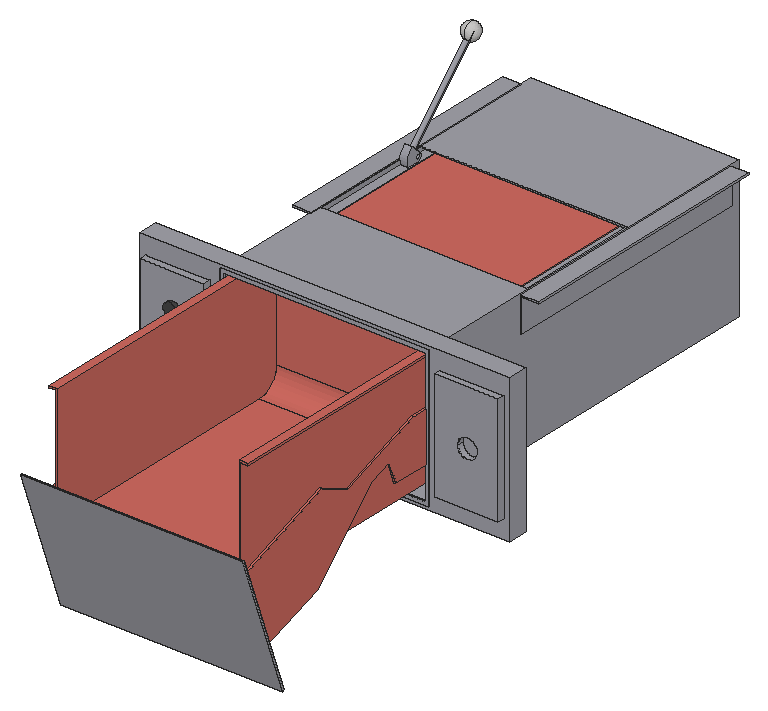
Revit family "Specialty_Equipment-Bavis_Fabacraft-Manual_Transaction_Drawer NEW", category Specialty Equipment, host Wall, Revit 2020
Family settings
  Host = Wall
  Round Connector Dimension = Use Diameter
  Part Type = Normal
  OmniClass Number = 23.40.70.27.24.21
  OmniClass Title = Service and Teller Window Units
  Always vertical = Yes
  Cut with Voids When Loaded = Yes
  Shared = No
  Room Calculation Point = No
Parameters (values of type "Manual Transaction Drawer")
  Width = if(C Sign Constraint = 1, 1' 2 1/2", if(C Sign Constraint = 2, 1' 3 5/8", if(C Sign Constraint = 3, 1' 3 5/8", 1' 2 1/2")))  # 1' - 3 5/8"
  Warranty URL = ""
  Wall Width Warning [instance] = if(and(C Sign Constraint = 1, Wall Width > 0' 6 17/32" - 0' 1 1/2", Optional Audio Panel), "Wall Width Max 5 1/32\" With Optional Audio Panel. Please Select Different Wall Width.", if(and(C Sign Constraint = 1, Wall Width > 0' 8 5/8" - 0' 1 1/2", Optional Audio Panel), "Wall Width Max 7 1/8\" With Optional Audio Panel. Please Select Different Wall Width.", if(and(C Sign Constraint = 1, Wall Width > 0' 8 5/8" - 0' 1 1/2", Optional Audio Panel), "Wall Width Max 7 1/8\" With Optional Audio Panel. Please Select Different Wall Width.", if(and(C Sign Constraint = 1, Wall Width > 0' 6 17/32"), "Wall Width Max 6 17/32\". Please Select Different Wall Width.", if(and(C Sign Constraint = 2, Wall Width > 0' 8 5/8"), "Wall Width Max 8 5/8\". Please Select Different Wall Width.", if(and(C Sign Constraint = 3, Wall Width > 0' 8 5/8"), "Wall Width Max 8 5/8\". Please Select Different Wall Width.", "Wall Width Compatible"))))))  # "Wall Width Compatible"
  Wall Width [instance] = 0' - 8"
  Voltage = 120 V  # constant formula
  Video Link = "https://www.youtube.com/watch?v=4XuO8WkjTBw"
  Version = "2020 - v1.0a"  # constant formula
  URL = "https://www.bavis.com/"
  Teller Door Open [instance] = no
  Teller Door Note [instance] = "For accurate vizualization of drawer opening please use project cut tool on counter then drawer to active the drawer opening void"  # constant formula
  Support Phone = "224-699-9545"  # constant formula
  Support Email = "mailto:support@bimsmith.com"
  Product Page URL = "https://www.bavis.com/transaction-drawers"
  Product Name = "Bavis Manual Transaction Drawer"  # constant formula
  Product Documentation Link = "https://docs.bavis.com/transaction-drawers/manual-transaction-drawers?start=12"
  Power Factor = 1
  Order Code [instance] = "MD"  # constant formula
  Optional Audio Panel [instance] = yes
  C Offset [instance] = if(Optional Audio Panel, 0' 1 1/2", 0' 0")  # 0' - 1 1/2"
  Drawer Open [instance] = yes
  Number of Poles = 1
  Model = "See Order Code"  # constant formula
  Material = ""
  Manufacturer Phone Number = "(513) 677-0500"  # constant formula
  Manufacturer Email = "mailto:sales@bavis.com"
  Manufacturer Address = "201 Grandin Road, Maineville, OH 45039"  # constant formula
  Manufacturer = "Bavis Fabacraft"  # constant formula
  Load Classification = Power
  Length = if(C Sign Constraint = 1, 2' 2 1/2", if(C Sign Constraint = 2, 2' 5", if(C Sign Constraint = 3, 2' 5", 2' 2 1/2")))  # 2' - 5"
  Keynote = "14 90 00"
  Instruction Sheet Link = "https://docs.bavis.com/transaction-drawers/manual-transaction-drawers?start=12"
  Height = if(C Sign Constraint = 1, 0' 6 9/16", if(C Sign Constraint = 2, 0' 9", if(C Sign Constraint = 3, 0' 10 1/2", 0' 6 9/16")))  # 0' - 10 1/2"
  Hardware = Metal - Bavis Fabacraft - Steel
  Finish = Metal - Bavis Fabacraft - Aluminum - Dark Grey
  Elevation Height = 3' - 0"
  Drawer = Paint - Bavis Fabacraft - Red
  Description = "Manual Transaction Drawers"  # constant formula
  Copyright = "© 2022 Bavis Fabacraft, All Rights Reserved."  # constant formula
  Default Elevation = 0' - 0"
  C Void Start = if(C Sign Constraint = 1, 0' 6 3/8", if(C Sign Constraint = 2, 0' 8 7/8", if(C Sign Constraint = 3, 0' 8 1/2", 0' 6 3/8")))  # 0' - 8 1/2"
  C Stroke = if(C Sign Constraint = 1, 0' 11 1/2", if(C Sign Constraint = 2, 0' 11 1/2", if(C Sign Constraint = 3, 1' 5 1/2", 0' 11 1/2")))  # 1' - 5 1/2"
  C Start = if(C Sign Constraint = 1, 0' 7 3/8", if(C Sign Constraint = 2, 0' 9 1/16", if(C Sign Constraint = 3, 0' 9 5/16", 0' 7 3/8")))  # 0' - 9 5/16"
  C Sign Constraint = 3
  C Rough Width = if(C Sign Constraint = 1, 1' 2 3/4", if(C Sign Constraint = 2, 1' 4", if(C Sign Constraint = 3, 1' 4", 1' 2 3/4")))  # 1' - 4"
  C Rough Height = if(C Sign Constraint = 1, 0' 6 3/4", if(C Sign Constraint = 2, 0' 9 1/4", if(C Sign Constraint = 3, 0' 10 3/4", 0' 6 3/4")))  # 0' - 10 3/4"
  C Middle = if(C Sign Constraint = 1, 0' 7 1/2", if(C Sign Constraint = 2, 0' 9 1/16", if(C Sign Constraint = 3, 0' 9 3/8", 0' 7 1/2")))  # 0' - 9 3/8"
  C Inset = 0' - 0"  # constant formula
  C Drawer Inset [instance] = if(and(Drawer Open, C Sign Constraint = 1), 0' 0 7/32", if(and(Drawer Open, C Sign Constraint = 2), 0' 3 7/32", if(and(Drawer Open, C Sign Constraint = 3), 0' 0 59/256", if(and(not(Drawer Open), C Sign Constraint = 1), 0' 0 7/32" + C Stroke, if(and(not(Drawer Open), C Sign Constraint = 2), 0' 3 7/32" + C Stroke, if(and(not(Drawer Open), C Sign Constraint = 3), 0' 0 59/256" + C Stroke, 1' 2 7/8" + C Stroke))))))  # 0' - 0 59/256"
  C Teller Door Closed [instance] = not(Teller Door Open)  # yes
  C Drawer = 0' - 0"  # constant formula
  C Door Width = Width + 0' 1"  # 1' - 4 5/8"
  C Door Height = Height + 0' 0 1/2"  # 0' - 11"
  C Counter Open Width = if(C Sign Constraint = 1, 1' 2 7/8", if(C Sign Constraint = 2, 1' 3 5/8", if(C Sign Constraint = 3, 1' 3 3/4", 1' 2 7/8")))  # 1' - 3 3/4"
  C Counter Open Length = if(C Sign Constraint = 1, 0' 8 5/8", if(C Sign Constraint = 2, 0' 10", if(C Sign Constraint = 3, 0' 11", 0' 8 5/8")))  # 0' - 11"
  C Back = if(C Sign Constraint = 1, 0' 11 3/4", if(C Sign Constraint = 2, 0' 10 7/8", if(C Sign Constraint = 3, 0' 10 5/16", 0' 11 3/4")))  # 0' - 10 5/16"
  C Angle [instance] = if(Teller Door Open, 135.00°, 45.00°)  # 45.00°
  Assembly Code = "E1010"
  Apparent Load = 0 VA
Reference planes (in)
  plane 1: y = 0
  plane 2 "Center (Left/Right)": x = 0
  plane 3 "Wall Edge": y = 3.05833
  plane 4: y = 23.55833
  plane 5: z = 36
  plane 6: z = 46.5
  plane 7: z = 0
  plane 8: z = 0
  plane 9 "C": z = 41.25
  plane 10: z = 35.75
  plane 11: z = 46.75
  plane 12: y = -5.56667
  plane 13: y = -23.06667
  plane 14: y = 3.87083
  plane 15: y = 13.24583
  plane 16: y = 23.55833
  plane 17 "A": y = -5.44167
  plane 18: x = -7.8125
  plane 19: x = 7.8125
  plane 20: x = 8.3125
  plane 21: x = -8.3125
  plane 22: y = 3.05833
  plane 23: y = 14.05833
  plane 24: x = -7.875
  plane 25: x = 7.875
  plane 26 "D": z = 41.25
  plane 27 "E": y = -5.3362
  plane 28: z = 35.75
  plane 29: z = 46.75
  plane 30: x = 13.84375
  plane 31: x = -13.84375
  plane 32 "F": y = -3.94167
  plane 33 "G": y = -5.94167
  plane 34: x = -6.9375
  plane 35 "HC": x = -7.375
  plane 36 "Handle": y = 12.1638
Forms (in)
  Extrusion 1, void
    sketch origin (96, -155.27688, 0) x (0.866025, 0.5, 0) y (-0.5, 0.866025, 0)
      loop
        line (-0.48666, 206.78209) -> (-23.79916, 166.40365) -> (-10.26751, 158.59115) -> (13.04499, 198.96959) -> (-0.48666, 206.78209)
    from 36 to 46.5
  Sweep 2, solid, material "Metal - Bavis Fabacraft - Aluminum - Dark Grey" <- "Finish"
    path origin (0, -5.44167, 0) x (-1, 0, 0) y (0, 0, 1)
      loop
        line (7.8125, 36) -> (7.8125, 46.5) -> (-7.8125, 46.5) -> (-7.8125, 36) -> (7.8125, 36)
    profile origin (0, -5.44167, 36) x (0, 0, -1) y (0, 1, 0)
      loop
        line (-5.03581, 29) -> (-5.03581, 28.875) -> (-0.125, 28.875) -> (-0.125, 0.125) -> (-0.25, 0.125) -> (-0.25, 0) -> (0, 0) -> (0, 29) -> (-5.03581, 29)
  Extrusion 3, solid, material "Metal - Bavis Fabacraft - Aluminum - Dark Grey" <- "Finish"
    sketch origin (0, 0, 0) x (0, 1, 0) y (0, 0, 1)
      loop
        line (23.43333, 41.46419) -> (23.43333, 41.03581) -> (23.55833, 41.03581) -> (23.55833, 41.46419) -> (23.43333, 41.46419)
    from -7.8125 to 7.8125
  Extrusion 4, void
    sketch origin (96, -155.27688, -0.125) x (0.866025, 0.5, 0) y (-0.5, 0.866025, 0)
      loop
        line (-5.29078, 198.5861) -> (-10.79078, 189.05982) -> (2.84912, 181.18482) -> (8.34912, 190.7111) -> (-5.29078, 198.5861)
    from 35.875 to 46.875
  Extrusion 5, solid, material "Metal - Bavis Fabacraft - Aluminum - Dark Grey" <- "Finish"
    sketch origin (0, 3.05833, 0) x (1, 0, 0) y (0, 0, 1)
      loop
        line (7.8125, 46.5) -> (7.8125, 43.875) -> (7.9375, 43.875) -> (7.9375, 46.375) -> (9.1875, 46.375) -> (9.1875, 46.5) -> (7.8125, 46.5)
      loop
        line (-7.8125, 46.5) -> (-9.1875, 46.5) -> (-9.1875, 46.375) -> (-7.9375, 46.375) -> (-7.9375, 43.875) -> (-7.8125, 43.875) -> (-7.8125, 46.5)
    from 0 to -19.63779
  Extrusion 6, void
    sketch origin (96, -155.27688, 0) x (0.866025, 0.5, 0) y (-0.5, 0.866025, 0)
      loop
        line (-5.53465, 197.7887) -> (-10.22215, 189.66971) -> (3.09299, 181.98221) -> (7.78049, 190.1012) -> (-5.53465, 197.7887)
    from 46.25 to 46.75
  Extrusion 7, solid, material "Metal - Bavis Fabacraft - Aluminum - Dark Grey" <- "Finish", visible <- "Optional Audio Panel"
    sketch origin (0, -5.44167, 0) x (-1, 0, 0) y (0, 0, 1)
      loop
        line (13.84375, 46.75) -> (-13.84375, 46.75) -> (-13.84375, 35.75) -> (13.84375, 35.75) -> (13.84375, 46.75)
      loop
        line (7.875, 46.5) -> (-7.875, 46.5) -> (-7.875, 36) -> (7.875, 36) -> (7.875, 46.5)
    from 0 to 1.5
  Extrusion 8, solid, material "Metal - Bavis Fabacraft - Aluminum - Dark Grey" <- "Finish", visible <- "Optional Audio Panel"
    sketch origin (0, -5.44167, 0) x (-1, 0, 0) y (0, 0, 1)
      loop
        line (13.37208, 45.41369) -> (8.62208, 45.41369) -> (8.62208, 37.16369) -> (13.37208, 37.16369) -> (13.37208, 45.41369)
      loop
        circle (10.99493, 42.93755) r 0.5
      loop
        line (11.96695, 39.77547) -> (11.03129, 40.71113) -> (10.11125, 39.7911) -> (11.04691, 38.85544) -> (11.96695, 39.77547)
      loop
        circle (-11.08743, 41.25) r 0.75
      loop
        line (-13.37208, 45.41369) -> (-13.37208, 37.16369) -> (-8.62208, 37.16369) -> (-8.62208, 45.41369) -> (-13.37208, 45.41369)
    from -0.5 to 1.84613
  Extrusion 9, solid, material "Plastic - Bavis Fabacraft - Black", visible <- "Optional Audio Panel"
    sketch origin (0, -5.44167, 0) x (-1, 0, 0) y (0, 0, 1)
      loop
        circle (10.99493, 42.93755) r 0.5
      loop
        circle (11.01755, 40.00766) r 0.25
    from -0.7625 to 0
  Extrusion 10, solid, material "Metal - Bavis Fabacraft - Aluminum - Dark Grey" <- "Finish"
    sketch origin (0, 3.05833, 0) x (1, 0, 0) y (0, 0, 1)
      loop
        line (6.9375, 46) -> (7.4375, 46) -> (7.4375, 45.875) -> (6.9375, 45.875) -> (6.9375, 45.66984) -> (7.8125, 45.66984) -> (7.8125, 46.20516) -> (6.9375, 46.20516) -> (6.9375, 46)
      loop
        line (-6.9375, 46) -> (-6.9375, 46.20516) -> (-7.8125, 46.20516) -> (-7.8125, 45.66984) -> (-6.9375, 45.66984) -> (-6.9375, 45.875) -> (-7.4375, 45.875) -> (-7.4375, 46) -> (-6.9375, 46)
    from 0 to -20.09631
  Extrusion 11, solid, material "Paint - Bavis Fabacraft - Red" <- "Drawer", visible <- "C Teller Door Closed"
    sketch origin (96, -155.27688, 0) x (0.866025, 0.5, 0) y (-0.5, 0.866025, 0)
      loop
        line (-4.47888, 198.11735) -> (-9.97888, 188.59107) -> (2.03722, 181.65357) -> (7.53722, 191.17985) -> (-4.47888, 198.11735)
    from 46 to 46.20516
Cuts and joins
  Extrusion 6 cuts Sweep 2
  joined: Sweep 2, Extrusion 3, Extrusion 10
  joined: Extrusion 7, Extrusion 8
Lines and regions (in)
  reference lines
    curve 1: line (-7.375, 12.1638, 46.5) -> (-7.375, 13.04769, 47.38388)
    curve 2: line (-7.375, 12.1638, 46.5) -> (-7.375, 10.96221, 47.70159)
Text (in)
  text "Placement Side" at (0, 40.15149, 123.01588), in view "Right"
  text "Placement Side" at (-70.3804, 28.46503, 0), in view "Ref. Level"
  text "Placement Side" at (0, 158.81142, 156.46546), in view "Left"
Dimensions and locks (in)
  plane 3 "Wall Edge" to host wall = 0' - 1"
  "Elevation Height": plane 5 to level
  "Height": plane 6 to plane 5
  equal spacing: plane 6, plane 9 "C", plane 5
  equal spacing: plane 11, plane 9 "C", plane 10
  "C Door Height": plane 11 to plane 10
  "Length": plane 4 to plane 17 "A"
  "C Stroke": plane 12 to plane 13
  host wall to plane 17 "A" = 0' - 1 1/2"
  "C Start": plane 14 to plane 17 "A"
  "C Middle": plane 15 to plane 14
  "C Back": plane 16 to plane 15
  equal spacing: plane 18, plane 2 "Center (Left/Right)", plane 19
  "Width": plane 18 to plane 19
  equal spacing: plane 21, plane 2 "Center (Left/Right)", plane 20
  "C Door Width": plane 21 to plane 20
  "C Void Start": plane 22 to plane 17 "A"
  "C Counter Open Length": plane 23 to plane 22
  equal spacing: plane 24, plane 2 "Center (Left/Right)", plane 25
  "C Counter Open Width": plane 24 to plane 25
  plane 19 to Extrusion 5 sketch curve to Extrusion 5 sketch curve to Extrusion 5 sketch curve = 0' - 0" locked, 0' - 0 1/8" locked, 0' - 1 1/4" locked
  Extrusion 5 sketch curve to Extrusion 5 sketch curve to plane 6 to Extrusion 5 sketch curve = 0' - 2 1/2" locked, 0' - 0 1/8" locked, 0' - 0" locked
  Extrusion 5 sketch curve to plane 18 to Extrusion 5 sketch curve to Extrusion 5 sketch curve = 0' - 0" locked, 0' - 0 1/8" locked, 0' - 1 1/4" locked
  Extrusion 5 sketch curve to Extrusion 5 sketch curve to Extrusion 5 sketch curve to plane 6 = 0' - 2 1/2" locked, 0' - 0 1/8" locked, 0' - 0" locked
  locked: plane 4 to Extrusion 5 at 0.86221
  locked: Extrusion 6 sketch curve to plane 19 at 0.125
  locked: plane 18 to Extrusion 6 sketch curve at 0.125
  Sweep 2 sketch curve to plane 16 to Sweep 2 sketch curve = 0' - 0" locked, 0' - 0 1/8" locked
  Sweep 2 sketch curve to plane 17 "A" to Sweep 2 sketch curve = 0' - 0 1/8" locked, 0' - 0" locked
  locked: plane 9 "C" to Sweep 2 sketch curve at 0.21419
  Extrusion 3 sketch curve to plane 9 "C" to Extrusion 3 sketch curve = 0' - 0.21419" locked, 0' - 0.21419" locked
  plane 16 to Extrusion 3 sketch curve to Extrusion 3 sketch curve = 0' - 0" locked, 0' - 0 1/8" locked
  "C Drawer": plane 26 "D" to plane 9 "C"
  "C Drawer Inset": plane 27 "E" to plane 12
  locked: Extrusion 6 to plane 6 at 0.25
  equal spacing: plane 29, plane 26 "D", plane 28
  locked: plane 29 to plane 28 at 11
  equal spacing: plane 30, plane 2 "Center (Left/Right)", plane 31
  locked: plane 31 to plane 30 at 27.6875
  locked: plane 17 "A" to plane 12 at 0.125
  "C Offset": host wall to plane 17 "A"
  locked: plane 32 "F" to plane 17 "A" at 1.5
  locked: plane 17 "A" to plane 33 "G" at 0.5
  locked: plane 17 "A" to Extrusion 9 at 0.7625
  plane 31 to Extrusion 8 sketch curve to Extrusion 8 sketch curve to Extrusion 8 sketch curve to Extrusion 8 sketch curve to Extrusion 8 sketch curve to Extrusion 8 sketch curve to Extrusion 8 sketch curve = 0' - 0.47167" locked, 0' - 1.40513" locked, 0' - 0.92004" locked, 0' - 0 1/64" locked, 0' - 0.03636" locked, 0' - 0.88367" locked, 0' - 1.48917" locked
  Extrusion 8 sketch curve to Extrusion 8 sketch curve to plane 26 "D" to Extrusion 8 sketch curve to Extrusion 8 sketch curve to Extrusion 8 sketch curve to Extrusion 8 sketch curve to Extrusion 8 sketch curve = 0' - 2.47613" locked, 0' - 1.68755" locked, 0' - 0.53887" locked, 0' - 0.92004" locked, 0' - 0 1/64" locked, 0' - 0.92004" locked, 0' - 1.69175" locked
  plane 30 to Extrusion 8 sketch curve to Extrusion 8 sketch curve to Extrusion 8 sketch curve = 0' - 0.47167" locked, 0' - 2.28465" locked, 0' - 2.46535" locked
  Extrusion 8 sketch curve to plane 26 "D" to Extrusion 8 sketch curve = 0' - 4.16369" locked, 0' - 4.08631" locked
  "Wall Width": host wall to host wall
  plane 31 to Extrusion 9 sketch curve to Extrusion 9 sketch curve = 0' - 2.8262" locked, 0' - 0.02263" locked
  Extrusion 9 sketch curve to plane 26 "D" to Extrusion 9 sketch curve = 0' - 1.68755" locked, 0' - 1.24234" locked
  Extrusion 10 sketch curve to Extrusion 10 sketch curve to Extrusion 10 sketch curve to Extrusion 10 sketch curve to Extrusion 10 sketch curve to Extrusion 10 sketch curve to Extrusion 10 sketch curve to Extrusion 10 sketch curve to plane 6 = 0' - 0" locked, 0' - 0.20516" locked, 0' - 0" locked, 0' - 0 1/8" locked, 0' - 0" locked, 0' - 0.20516" locked, 0' - 0" locked, 0' - 0.29484" locked
  Extrusion 10 sketch curve to Extrusion 10 sketch curve to Extrusion 10 sketch curve to plane 19 to Extrusion 10 sketch curve = 0' - 0" locked, 0' - 0 1/2" locked, 0' - 0 3/8" locked, 0' - 0" locked
  Extrusion 10 sketch curve to Extrusion 10 sketch curve to Extrusion 10 sketch curve to Extrusion 10 sketch curve to plane 24 = 0' - 0" locked, 0' - 0 1/2" locked, 0' - 0 3/8" locked, 0' - 0 1/16" locked
  locked: plane 16 to Extrusion 10 at 0.40369
  locked: Extrusion 11 sketch curve to plane 20 at 1.375
  locked: plane 21 to Extrusion 11 sketch curve at 1.375
  Extrusion 11 to Extrusion 11 to plane 29 = 0' - 0.20516" locked, 0' - 0.54484" locked
  plane 34 to plane 35 "HC" to plane 18 = 0' - 0 7/16" locked, 0' - 0 7/16" locked
  plane 34 to plane 24 = 0' - 0 15/16"
  locked: plane 16 to plane 36 "Handle" at 11.39453
  locked: curve 2 to curve 1 (angle 90.00°)
  "C Angle": angle curve 1 to plane 6
  aligned and locked: plane 19 to Extrusion 1 sketch curve
  aligned and locked: plane 18 to Extrusion 1 sketch curve
  aligned and locked: plane 6 to Extrusion 1
  aligned and locked: Extrusion 1 to plane 5
  aligned and locked: plane 18 to Sweep 2 sketch curve
  aligned and locked: plane 5 to Sweep 2 sketch curve
  aligned and locked: Extrusion 3 to plane 18
  aligned and locked: Extrusion 3 to plane 19
  aligned and locked: Extrusion 4 sketch curve to plane 23
  aligned and locked: plane 24 to Extrusion 4 sketch curve
  aligned and locked: plane 25 to Extrusion 4 sketch curve
  aligned and locked: Extrusion 4 to plane 11
  aligned and locked: Extrusion 5 to plane 22
  aligned and locked: plane 22 to Extrusion 4 sketch curve
  aligned and locked: plane 14 to Extrusion 6 sketch curve
  aligned and locked: Extrusion 6 sketch curve to plane 15
  aligned and locked: nested 1 to plane 2 "Center (Left/Right)"
  aligned and locked: plane 27 "E" to nested 1
  aligned and locked: Extrusion 4 to plane 10
  aligned and locked: Extrusion 6 to plane 11
  aligned and locked: plane 13 to Extrusion 1 sketch curve
  aligned and locked: Extrusion 1 sketch curve to plane 16
  aligned and locked: plane 25 to Extrusion 7 sketch curve
  aligned and locked: plane 24 to Extrusion 7 sketch curve
  aligned and locked: Extrusion 7 sketch curve to plane 6
  aligned and locked: plane 5 to Extrusion 7 sketch curve
  aligned and locked: plane 29 to Extrusion 7 sketch curve
  aligned and locked: Extrusion 7 sketch curve to plane 30
  aligned and locked: plane 28 to Extrusion 7 sketch curve
  aligned and locked: Extrusion 7 sketch curve to plane 31
  aligned and locked: Extrusion 7 to plane 17 "A"
  aligned and locked: plane 17 "A" to Extrusion 9
  aligned and locked: plane 26 "D" to Extrusion 8 sketch curve
  aligned and locked: cut or joined group of Extrusion 7, Extrusion 8 to plane 33 "G"
  aligned and locked: plane 3 "Wall Edge" to Extrusion 10
  aligned and locked: Extrusion 11 sketch curve to plane 23
  aligned and locked: plane 22 to Extrusion 11 sketch curve
  aligned and locked: plane 35 "HC" to nested 2
  aligned and locked: nested 2 to curve 2
  aligned and locked: nested 2 to curve 1
  aligned and locked: plane 36 "Handle" to curve 2
  aligned and locked: plane 6 to curve 1
Automatic sketch dimensions
  plane 19 to Sweep 2 sketch curve = 0' - 0"
  Sweep 2 sketch curve to plane 6 = 0' - 0"
  Sweep 2 sketch curve to profile plane = 0' - 0"
  profile plane to Sweep 2 sketch curve = 0' - 0 1/4"
  Sweep 2 sketch curve to Sweep 2 sketch curve = 0' - 0 1/8"
  radius of Extrusion 8 sketch curve = 0' - 0 1/2"
  radius of Extrusion 8 sketch curve = 0' - 0 3/4"
  radius of Extrusion 9 sketch curve = 0' - 0 1/2"
  radius of Extrusion 9 sketch curve = 0' - 0 1/4"
Nested families (in)
  nested 1: "Drawer" at (0, -5.3362, 41.25) x (0, -1, 0) z (0, 0, 1), type "Drawer"
    with Open yes, C Angle 70.00°
  nested 2: "Manual Handle" at (-7.375, 12.1638, 46.5) x (0, 0.7071, 0.7071) z (0, -0.7071, 0.7071), type "Teller Door"
Connectors (in)
  electrical at (-7.8125, 9.05833, 41.25), driven by "Number of Poles", driven by "Load Classification", driven by "Voltage", driven by "Apparent Load", driven by "Power Factor"
    settings: on cut or joined group of Sweep 2, Extrusion 3, Extrusion 6, Extrusion 10, index 1, voltage 120 V, apparent load 0 VA, apparent load phase1 0 VA, apparent load phase2 0 VA, apparent load phase3 0 VA, power factor 1, load classification "Power", number of poles 1, system type 30, power factor state 1, is connector primary yes, connector utility no, sub classification motor no, connector description "Power Connector"
Definition of nested family "Drawer"
  Parameters (values of type "Drawer")
    Width = if(C Sign Constraint = 1, 1' 2 1/2", if(C Sign Constraint = 2, 1' 3 5/8", if(C Sign Constraint = 3, 1' 3 5/8", 1' 2 1/2")))  # 1' - 3 5/8"
    Small = if(C Sign Constraint = 1, 1 = 1, 1 = 0)  # no
    Open = no
    Large = if(C Sign Constraint = 1, 1 = 0, 1 = 1)  # yes
    Height = if(C Sign Constraint = 1, 0' 6 9/16", if(C Sign Constraint = 2, 0' 9", if(C Sign Constraint = 3, 0' 10 1/2", 0' 6 9/16")))  # 0' - 10 1/2"
    Hardware = none
    Finish = none
    Drawer = none
    Default Elevation = 4' - 0"
    C Stroke = if(C Sign Constraint = 1, 0' 11 1/2", if(C Sign Constraint = 2, 1' 2 1/2", if(C Sign Constraint = 3, 1' 5 1/2", 0' 11 1/2")))  # 1' - 5 1/2"
    C Sign Constraint = 3
    C Door Width = Width + 0' 1"  # 1' - 4 5/8"
    C Door Height = Height + 0' 0 1/2"  # 0' - 11"
    C Center = if(C Sign Constraint = 3, 0' 4 1/2", 0' 3")  # 0' - 4 1/2"
    C Angle = if(Open, 70.00°, 90.00°)  # 90.00°
  Reference planes (in)
    plane 1 "Center (Front/Back)": y = 0
    plane 2: z = 0
    plane 3 "Center (Left/Right)": x = 0
    plane 4: x = 17.5
    plane 5: y = 8.3125
    plane 6: y = -8.3125
    plane 7: z = 5.5
    plane 8: z = -5.5
    plane 9: x = 17.375
    plane 10: z = 4
    plane 11: z = 1
    plane 12: y = 6.8125
    plane 13: y = -6.8125
    plane 14: y = 7.8125
    plane 15: y = -7.8125
    plane 16: x = -4
  Forms (in)
    Extrusion 1, solid, material <- "Drawer"
      sketch origin (0, 0, 0) x (1, 0, 0) y (0, 0, 1)
        loop
          line (-4, 4.75) -> (-4, -2.59854)
          arc (-4, -2.59854) -> (-3.49554, -3.81642) -> (-2.27765, -4.32089) r 1.72235
          line (-2.27765, -4.32089) -> (16.61108, -4.32089) -> (16.61108, -4.19589) -> (-2.27765, -4.19589)
          arc (-2.27765, -4.19589) -> (-3.40715, -3.72804) -> (-3.875, -2.59854) r 1.59735
          line (-3.875, -2.59854) -> (-3.875, 4.75) -> (-4, 4.75)
      from -6.8125 to 6.8125
    Extrusion 2, solid, material <- "Drawer"
      sketch origin (6.1585, 0, 0) x (0, 1, 0) y (0, 0, 1)
        loop
          line (6.8125, 4.75) -> (6.8125, -4.32089) -> (6.9375, -4.32089) -> (6.9375, 4.625) -> (7.4375, 4.625) -> (7.4375, 4.75) -> (6.8125, 4.75)
        loop
          line (-6.8125, 4.75) -> (-7.4375, 4.75) -> (-7.4375, 4.625) -> (-6.9375, 4.625) -> (-6.9375, -4.32089) -> (-6.8125, -4.32089) -> (-6.8125, 4.75)
      from -10.1585 to 10.45257
  Cuts and joins
    joined: Extrusion 1, Extrusion 2
  Lines and regions (in)
    reference lines
      curve 1: line (0, 0, 1) -> (6.75, 0, 1)
      curve 2: line (0, 0, 1) -> (0, 0, -4)
  Dimensions and locks (in)
    "C Stroke": plane 3 "Center (Left/Right)" to plane 4
    equal spacing: plane 6, plane 1 "Center (Front/Back)", plane 5
    "C Door Width": plane 6 to plane 5
    "C Stroke": plane 4 to plane 3 "Center (Left/Right)"
    "C Door Height": plane 7 to plane 8
    locked: plane 4 to plane 9 at 0.125
    "C Center": plane 7 to plane 11
    equal spacing: plane 7, level, plane 8
    locked: plane 6 to plane 13 at 1.5
    locked: plane 5 to plane 12 at 1.5
    plane 7 to Extrusion 2 sketch curve to Extrusion 2 sketch curve to Extrusion 2 sketch curve to Extrusion 2 sketch curve = 0' - 0 3/4" locked, 0' - 0" locked, 0' - 0 1/8" locked, 0' - 0" locked
    plane 8 to Extrusion 2 sketch curve to Extrusion 2 sketch curve = 0' - 1.17911" locked, 0' - 0" locked
    plane 5 to Extrusion 2 sketch curve to Extrusion 2 sketch curve to Extrusion 2 sketch curve = 0' - 0 7/8" locked, 0' - 0 1/2" locked, 0' - 0 1/8" locked
    Extrusion 2 sketch curve to Extrusion 2 sketch curve to Extrusion 2 sketch curve to plane 6 = 0' - 0 1/8" locked, 0' - 0 1/2" locked, 0' - 0 7/8" locked
    locked: Extrusion 1 sketch curve to plane 16 at 0.125
    Extrusion 1 sketch curve to Extrusion 1 sketch curve to plane 8 = 0' - 0 1/8" locked, 0' - 1.17911" locked
    locked: plane 9 to Extrusion 1 sketch curve at 0.76392
    locked: plane 4 to cut or joined group of Extrusion 1, Extrusion 2 at 0.88892
    equal spacing: plane 15, plane 1 "Center (Front/Back)", plane 14
    "Width": plane 15 to plane 14
    locked: plane 3 "Center (Left/Right)" to plane 16 at 4
    locked: curve 2 to curve 1 (angle 90.00°)
    "C Angle": angle plane 11 to curve 2
    aligned and locked: plane 2 to level
    aligned and locked: nested 1 to curve 1
    aligned and locked: plane 1 "Center (Front/Back)" to nested 1
    aligned and locked: plane 11 to curve 2
    aligned and locked: plane 3 "Center (Left/Right)" to curve 2
    aligned and locked: cut or joined group of Extrusion 1, Extrusion 2 to plane 16
    aligned and locked: Extrusion 1 sketch curve to plane 16
  Automatic sketch dimensions
    Extrusion 1 sketch curve to Extrusion 1 sketch curve = 0' - 0"
    Extrusion 1 sketch curve to Extrusion 1 sketch curve = 0' - 1.59735"
    Extrusion 1 sketch curve to plane 7 = 0' - 0 3/4"
  Nested families (in)
    nested 1: "Customer Door" at (0.2287, 0, 1), type "Customer Door"
  Definition of nested family "Customer Door"
    Parameters (values of type "Customer Door")
      Width = if(C Sign Constraint = 1, 1' 2 1/2", if(C Sign Constraint = 2, 1' 3 5/8", if(C Sign Constraint = 3, 1' 3 5/8", 1' 2 1/2")))  # 1' - 3 5/8"
      Small = if(C Sign Constraint = 1, 1 = 1, 1 = 0)  # no
      Large = if(C Sign Constraint = 1, 1 = 0, 1 = 1)  # yes
      Height = if(C Sign Constraint = 1, 0' 6 9/16", if(C Sign Constraint = 2, 0' 9", if(C Sign Constraint = 3, 0' 10 1/2", 0' 6 9/16")))  # 0' - 10 1/2"
      Hardware = none
      Finish = none
      Drawer = none
      Default Elevation = 4' - 0"
      C Stroke = if(C Sign Constraint = 1, 0' 11 1/2", if(C Sign Constraint = 2, 1' 2 1/2", if(C Sign Constraint = 3, 1' 5 1/2", 0' 11 1/2")))  # 1' - 5 1/2"
      C Sign Constraint = 3
      C Door Width = Width + 0' 1"  # 1' - 4 5/8"
      C Door Height = Height + 0' 0 1/2"  # 0' - 11"
      C Center = if(C Sign Constraint = 3, 0' 4 1/2", 0' 3")  # 0' - 4 1/2"
    Reference planes (in)
      plane 1 "Center (Front/Back)": y = 0
      plane 2: z = 0
      plane 3 "Center (Left/Right)": x = 0
      plane 4: x = 17.5
      plane 5: y = 8.3125
      plane 6: y = -8.3125
      plane 7: z = 4.5
      plane 8: z = -6.5
      plane 9: x = 17.375
      plane 10: y = 7.50089
      plane 11: y = 7.34508
      plane 12: y = -7.53353
      plane 13: y = -7.39405
      plane 14: y = 7.8125
      plane 15: y = -7.8125
    Forms (in)
      Extrusion 1, solid, material <- "Finish"
        sketch origin (0, 0, 0) x (1, 0, 0) y (0, 0, 1)
          loop
            line (17.375, 4.5) -> (17.375, -6.5) -> (17.5, -6.5) -> (17.5, 4.5) -> (17.375, 4.5)
        from -8.3125 to 8.3125
      Extrusion 2, solid, material <- "Drawer", visible <- "Large"
        sketch origin (0, 0, 0) x (1, 0, 0) y (0, 0, 1)
          loop
            line (-0.31641, 0.15026) -> (-0.31641, -3.59974) -> (0.43359, -3.59974) -> (3.70112, -2.34545) -> (3.70112, -0.59545) -> (5.45112, -0.59545) -> (11.89383, -3.59974) -> (17.375, -3.47604) -> (17.375, 2.54276) -> (9.29511, 2.54276) -> (7.35056, 0.59822) -> (0.85056, 0.59822) -> (-0.31641, 0.15026)
        from 7.53353 to -7.50089
      Extrusion 3, void
        sketch origin (0, 0, 0) x (1, 0, 0) y (0, 1, 0)
          loop
            line (-4.40918, 7.34508) -> (-4.40918, -7.39405) -> (17.375, -7.39405) -> (17.375, 7.34508) -> (-4.40918, 7.34508)
        from -6.5 to 4.5
      Extrusion 4, solid, material <- "Drawer", visible <- "Small"
        sketch origin (0, 0, 0) x (1, 0, 0) y (0, 0, 1)
          loop
            line (13.22556, 0.17721) -> (-0.31641, 0.17721) -> (-0.31641, -0.76923) -> (13.35056, -0.76923) -> (16.27555, -2.51923) -> (17.375, -2.51923) -> (17.375, 0.35399) -> (13.40234, 0.35399) -> (13.22556, 0.17721)
        from -7.50089 to 7.53353
    Cuts and joins
      Extrusion 3 cuts Extrusion 2
      Extrusion 3 cuts Extrusion 4
    Dimensions and locks (in)
      "C Stroke": plane 3 "Center (Left/Right)" to plane 4
      equal spacing: plane 6, plane 1 "Center (Front/Back)", plane 5
      "C Door Width": plane 6 to plane 5
      plane 4 to plane 3 "Center (Left/Right)" = 1' - 5 1/2"
      "C Door Height": plane 7 to plane 8
      "C Center": plane 7 to plane 2
      locked: plane 4 to plane 9 at 0.125
      Extrusion 2 sketch curve to Extrusion 2 sketch curve to Extrusion 2 sketch curve to plane 2 to Extrusion 2 sketch curve to Extrusion 2 sketch curve to Extrusion 2 sketch curve to Extrusion 2 sketch curve to Extrusion 2 sketch curve = 0' - 1.94454" locked, 0' - 0.44796" locked, 0' - 0.15026" locked, 0' - 0.59545" locked, 0' - 1 3/4" locked, 0' - 1.13059" locked, 0' - 0.1237" locked, 0' - 0" locked
      Extrusion 2 sketch curve to Extrusion 2 sketch curve to Extrusion 2 sketch curve to Extrusion 2 sketch curve to Extrusion 2 sketch curve to plane 3 "Center (Left/Right)" to Extrusion 2 sketch curve = 0' - 3.84399" locked, 0' - 1 3/4" locked, 0' - 2.85056" locked, 0' - 0.41698" locked, 0' - 0 111/256" locked, 0' - 0 81/256" locked
      Extrusion 3 sketch curve to plane 3 "Center (Left/Right)" to Extrusion 3 sketch curve = 0' - 4.40918" locked, 1' - 5 3/8" locked
      Extrusion 4 sketch curve to Extrusion 4 sketch curve to plane 2 to Extrusion 4 sketch curve to Extrusion 4 sketch curve = 0' - 0.17678" locked, 0' - 0.17721" locked, 0' - 0.76923" locked, 0' - 1 3/4" locked
      locked: plane 3 "Center (Left/Right)" to Extrusion 4 sketch curve at 0.31641
      plane 9 to Extrusion 4 sketch curve to Extrusion 4 sketch curve to Extrusion 4 sketch curve to Extrusion 4 sketch curve to Extrusion 4 sketch curve = 0' - 0" locked, 0' - 1.09945" locked, 0' - 2.87322" locked, 0' - 0.05178" locked, 0' - 0 1/8" locked
      equal spacing: plane 15, plane 1 "Center (Front/Back)", plane 14
      "Width": plane 15 to plane 14
      plane 14 to plane 10 to plane 11 = 0' - 0.31161" locked, 0' - 0.15581" locked
      plane 15 to plane 12 to plane 13 = 0' - 0.27897" locked, 0' - 0.13948" locked
      aligned and locked: plane 2 to level
      aligned and locked: Extrusion 1 sketch curve to plane 8
      aligned and locked: Extrusion 1 sketch curve to plane 4
      aligned and locked: plane 9 to Extrusion 1 sketch curve
      aligned and locked: Extrusion 1 sketch curve to plane 7
      aligned and locked: plane 5 to Extrusion 1
      aligned and locked: plane 6 to Extrusion 1
      aligned and locked: plane 10 to Extrusion 2
      aligned and locked: plane 12 to Extrusion 2
      aligned and locked: Extrusion 3 sketch curve to plane 13
      aligned and locked: Extrusion 3 sketch curve to plane 11
      aligned and locked: Extrusion 3 to plane 8
      aligned and locked: plane 7 to Extrusion 3
      aligned and locked: plane 10 to Extrusion 4
      aligned and locked: plane 12 to Extrusion 4
      aligned and locked: Extrusion 2 sketch curve to plane 9
    Automatic sketch dimensions
      Extrusion 2 sketch curve to Extrusion 2 sketch curve = 0' - 1.89944"
      Extrusion 2 sketch curve to plane 9 = 0' - 5.48117"
Definition of nested family "Manual Handle"
  Parameters (values of type "Teller Door")
    Width = 0' - 0 1/4"
    Length = 1' - 3 5/8"
    Hardware = none
    Finish = none
    Default Elevation = 0' - 0"
    C Middle = 0' - 8"  # constant formula
  Reference planes (in)
    plane 1 "Center (Front/Back)": y = 0
    plane 2: z = 0
    plane 3 "Center (Left/Right)": x = 0
    plane 4: x = 8
    plane 5 "c": x = 6.6585
  Forms (in)
    Extrusion 1, solid, material <- "Finish"
      sketch origin (6.6585, 0, 0) x (0, 1, 0) y (0, 0, 1)
        loop
          circle (0, 0.48412) r 0.1875
      from -6.6585 to 1.3415
    Extrusion 2, solid, material <- "Finish"
      sketch origin (0, 0, 0) x (1, 0, 0) y (0, 0, 1)
        loop
          line (0.25, 0) -> (0.25, 0.96825)
          arc (0.25, 0.96825) -> (-0.70711, 0.70711) -> (-0.96825, -0.25) r 1
          line (-0.96825, -0.25) -> (0, -0.25)
          arc (0, -0.25) -> (0.17678, -0.17678) -> (0.25, 0) r 0.25
        loop
          circle (0, 0) r 0.18732
      from -0.27885 to 0.26837
    Revolve 3, solid, material <- "Hardware"
      sketch origin (0, 0, 0) x (1, 0, 0) y (0, 0, 1)
        loop
          arc (8.625, 0.48412) -> (8, 1.10912) -> (7.375, 0.48412) r 0.625
          line (7.375, 0.48412) -> (8.625, 0.48412)
        axis (8.625, 0.48412) -> (7.375, 0.48412)
      angle from 0 to 360
  Cuts and joins
    joined: Extrusion 1, Extrusion 2
  Dimensions and locks (in)
    "C Middle": plane 3 "Center (Left/Right)" to plane 4
    locked: plane 5 "c" to plane 4 at 1.3415
    Extrusion 2 to plane 1 "Center (Front/Back)" to Extrusion 2 = 0' - 0.27885", 0' - 0.26837"
    aligned and locked: plane 2 to level
    aligned and locked: Extrusion 1 to plane 3 "Center (Left/Right)"
    aligned and locked: plane 1 "Center (Front/Back)" to Extrusion 1 sketch curve
    aligned and locked: Revolve 3 sketch curve to cut or joined group of Extrusion 1, Extrusion 2  (x2)
  Automatic sketch dimensions
    Extrusion 2 sketch curve to Extrusion 2 sketch curve = 0' - 0"  (x5)
    Extrusion 2 sketch curve to plane 3 "Center (Left/Right)" = 0' - 0"
    Extrusion 2 sketch curve to level = 0' - 0"
    Extrusion 2 sketch curve to level = 0' - 0 1/4"
    Extrusion 2 sketch curve to plane 3 "Center (Left/Right)" = 0' - 0.96825"
    Revolve 3 sketch curve to plane 5 "c" = 0' - 0"
    Revolve 3 sketch curve to plane 4 = 0' - 0"
    plane 4 to Revolve 3 sketch curve = 0' - 0 5/8"
    level to Extrusion 1 sketch curve = 0' - 0.48412"
    Revolve 3 sketch curve to Revolve 3 sketch curve = 0' - 0"
    radius of Extrusion 1 sketch curve = 0' - 0 3/16"
    radius of Extrusion 2 sketch curve = 0' - 0.18732"
